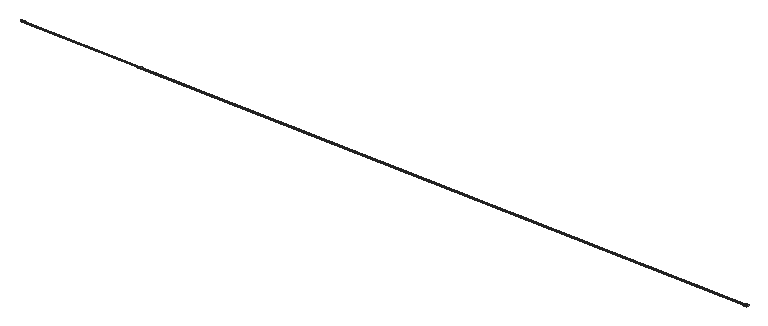
Revit family "0068180", category Lighting Fixtures, host Face, Revit 2017 (continued)
Automatic sketch dimensions
  Extrusion 54 sketch curve to Extrusion 54 sketch curve = 3.4 mm  (x6)
  Extrusion 55 sketch curve to Extrusion 55 sketch curve = 2.8 mm  (x6)
  Extrusion 55 sketch curve to Extrusion 55 sketch curve = 5.5 mm  (x5)
  Extrusion 55 sketch curve to Extrusion 55 sketch curve = 0 mm  (x5)
  Extrusion 55 sketch curve to Extrusion 55 sketch curve = 3.4 mm  (x6)
  Extrusion 56 sketch curve to Extrusion 56 sketch curve = 2.8 mm  (x6)
  Extrusion 56 sketch curve to Extrusion 56 sketch curve = 5.5 mm  (x5)
  Extrusion 56 sketch curve to Extrusion 56 sketch curve = 0 mm  (x5)
  Extrusion 56 sketch curve to Extrusion 56 sketch curve = 3.4 mm  (x6)
  Extrusion 57 sketch curve to Extrusion 57 sketch curve = 2.8 mm  (x6)
  Extrusion 57 sketch curve to Extrusion 57 sketch curve = 5.5 mm  (x5)
  Extrusion 57 sketch curve to Extrusion 57 sketch curve = 0 mm  (x5)
  Extrusion 57 sketch curve to Extrusion 57 sketch curve = 3.4 mm  (x6)
  Extrusion 58 sketch curve to Extrusion 58 sketch curve = 2.8 mm  (x6)
  Extrusion 58 sketch curve to Extrusion 58 sketch curve = 5.5 mm  (x5)
  Extrusion 58 sketch curve to Extrusion 58 sketch curve = 0 mm  (x5)
  Extrusion 58 sketch curve to Extrusion 58 sketch curve = 3.4 mm  (x6)
  Extrusion 59 sketch curve to Extrusion 59 sketch curve = 2.8 mm  (x6)
  Extrusion 59 sketch curve to Extrusion 59 sketch curve = 5.5 mm  (x5)
  Extrusion 59 sketch curve to Extrusion 59 sketch curve = 0 mm  (x5)
  Extrusion 59 sketch curve to Extrusion 59 sketch curve = 3.4 mm  (x6)
  Extrusion 60 sketch curve to Extrusion 60 sketch curve = 2.8 mm  (x6)
  Extrusion 60 sketch curve to Extrusion 60 sketch curve = 5.5 mm  (x5)
  Extrusion 60 sketch curve to Extrusion 60 sketch curve = 0 mm  (x5)
  Extrusion 60 sketch curve to Extrusion 60 sketch curve = 3.4 mm  (x6)
  Extrusion 61 sketch curve to Extrusion 61 sketch curve = 2.8 mm  (x6)
  Extrusion 61 sketch curve to Extrusion 61 sketch curve = 5.5 mm  (x5)
  Extrusion 61 sketch curve to Extrusion 61 sketch curve = 0 mm  (x5)
  Extrusion 61 sketch curve to Extrusion 61 sketch curve = 3.4 mm  (x6)
  Extrusion 62 sketch curve to Extrusion 62 sketch curve = 2.8 mm  (x6)
  Extrusion 62 sketch curve to Extrusion 62 sketch curve = 5.5 mm  (x5)
  Extrusion 62 sketch curve to Extrusion 62 sketch curve = 0 mm  (x5)
  Extrusion 62 sketch curve to Extrusion 62 sketch curve = 3.4 mm  (x6)
  Extrusion 63 sketch curve to Extrusion 63 sketch curve = 2.8 mm  (x6)
  Extrusion 63 sketch curve to Extrusion 63 sketch curve = 5.5 mm  (x5)
  Extrusion 63 sketch curve to Extrusion 63 sketch curve = 0 mm  (x5)
  Extrusion 63 sketch curve to Extrusion 63 sketch curve = 3.4 mm  (x6)
  Extrusion 64 sketch curve to Extrusion 64 sketch curve = 2.8 mm  (x6)
  Extrusion 64 sketch curve to Extrusion 64 sketch curve = 5.5 mm  (x5)
  Extrusion 64 sketch curve to Extrusion 64 sketch curve = 0 mm  (x5)
  Extrusion 64 sketch curve to Extrusion 64 sketch curve = 3.4 mm  (x6)
  Extrusion 65 sketch curve to Extrusion 65 sketch curve = 2.8 mm  (x6)
  Extrusion 65 sketch curve to Extrusion 65 sketch curve = 5.5 mm  (x5)
  Extrusion 65 sketch curve to Extrusion 65 sketch curve = 0 mm  (x5)
  Extrusion 65 sketch curve to Extrusion 65 sketch curve = 3.4 mm  (x6)
  Extrusion 66 sketch curve to Extrusion 66 sketch curve = 2.8 mm  (x6)
  Extrusion 66 sketch curve to Extrusion 66 sketch curve = 5.5 mm  (x5)
  Extrusion 66 sketch curve to Extrusion 66 sketch curve = 0 mm  (x5)
  Extrusion 66 sketch curve to Extrusion 66 sketch curve = 3.4 mm  (x6)
  Extrusion 67 sketch curve to Extrusion 67 sketch curve = 2.8 mm  (x6)
  Extrusion 67 sketch curve to Extrusion 67 sketch curve = 5.5 mm  (x5)
  Extrusion 67 sketch curve to Extrusion 67 sketch curve = 0 mm  (x5)
  Extrusion 67 sketch curve to Extrusion 67 sketch curve = 3.4 mm  (x6)
  Extrusion 68 sketch curve to Extrusion 68 sketch curve = 2.8 mm  (x6)
  Extrusion 68 sketch curve to Extrusion 68 sketch curve = 5.5 mm  (x5)
  Extrusion 68 sketch curve to Extrusion 68 sketch curve = 0 mm  (x5)
  Extrusion 68 sketch curve to Extrusion 68 sketch curve = 3.4 mm  (x6)
  Extrusion 69 sketch curve to Extrusion 69 sketch curve = 2.8 mm  (x6)
  Extrusion 69 sketch curve to Extrusion 69 sketch curve = 5.5 mm  (x5)
  Extrusion 69 sketch curve to Extrusion 69 sketch curve = 0 mm  (x5)
  Extrusion 69 sketch curve to Extrusion 69 sketch curve = 3.4 mm  (x6)
  Extrusion 70 sketch curve to Extrusion 70 sketch curve = 2.8 mm  (x6)
  Extrusion 70 sketch curve to Extrusion 70 sketch curve = 5.5 mm  (x5)
  Extrusion 70 sketch curve to Extrusion 70 sketch curve = 0 mm  (x5)
  Extrusion 70 sketch curve to Extrusion 70 sketch curve = 3.4 mm  (x6)
  Extrusion 71 sketch curve to Extrusion 71 sketch curve = 2.8 mm  (x6)
  Extrusion 71 sketch curve to Extrusion 71 sketch curve = 5.5 mm  (x5)
  Extrusion 71 sketch curve to Extrusion 71 sketch curve = 0 mm  (x5)
  Extrusion 71 sketch curve to Extrusion 71 sketch curve = 3.4 mm  (x6)
  Extrusion 72 sketch curve to Extrusion 72 sketch curve = 2.8 mm  (x6)
  Extrusion 72 sketch curve to Extrusion 72 sketch curve = 5.5 mm  (x5)
  Extrusion 72 sketch curve to Extrusion 72 sketch curve = 0 mm  (x5)
  Extrusion 72 sketch curve to Extrusion 72 sketch curve = 3.4 mm  (x6)
  Extrusion 73 sketch curve to Extrusion 73 sketch curve = 2.8 mm  (x6)
  Extrusion 73 sketch curve to Extrusion 73 sketch curve = 5.5 mm  (x5)
  Extrusion 73 sketch curve to Extrusion 73 sketch curve = 0 mm  (x5)
  Extrusion 73 sketch curve to Extrusion 73 sketch curve = 3.4 mm  (x6)
  Extrusion 74 sketch curve to Extrusion 74 sketch curve = 2.8 mm  (x6)
  Extrusion 74 sketch curve to Extrusion 74 sketch curve = 5.5 mm  (x5)
  Extrusion 74 sketch curve to Extrusion 74 sketch curve = 0 mm  (x5)
  Extrusion 74 sketch curve to Extrusion 74 sketch curve = 3.4 mm  (x6)
  Extrusion 75 sketch curve to Extrusion 75 sketch curve = 2.8 mm  (x6)
  Extrusion 75 sketch curve to Extrusion 75 sketch curve = 5.5 mm  (x5)
  Extrusion 75 sketch curve to Extrusion 75 sketch curve = 0 mm  (x5)
  Extrusion 75 sketch curve to Extrusion 75 sketch curve = 3.4 mm  (x6)
  Extrusion 76 sketch curve to Extrusion 76 sketch curve = 2.8 mm  (x6)
  Extrusion 76 sketch curve to Extrusion 76 sketch curve = 5.5 mm  (x5)
  Extrusion 76 sketch curve to Extrusion 76 sketch curve = 0 mm  (x5)
  Extrusion 76 sketch curve to Extrusion 76 sketch curve = 3.4 mm  (x6)
  Extrusion 77 sketch curve to Extrusion 77 sketch curve = 2.8 mm  (x6)
  Extrusion 77 sketch curve to Extrusion 77 sketch curve = 5.5 mm  (x5)
  Extrusion 77 sketch curve to Extrusion 77 sketch curve = 0 mm  (x5)
  Extrusion 77 sketch curve to Extrusion 77 sketch curve = 3.4 mm  (x6)
  Extrusion 78 sketch curve to Extrusion 78 sketch curve = 2.8 mm  (x6)
  Extrusion 78 sketch curve to Extrusion 78 sketch curve = 5.5 mm  (x5)
  Extrusion 78 sketch curve to Extrusion 78 sketch curve = 0 mm  (x5)
  Extrusion 78 sketch curve to Extrusion 78 sketch curve = 3.4 mm  (x6)
  Extrusion 79 sketch curve to Extrusion 79 sketch curve = 2.8 mm  (x6)
  Extrusion 79 sketch curve to Extrusion 79 sketch curve = 5.5 mm  (x5)
  Extrusion 79 sketch curve to Extrusion 79 sketch curve = 0 mm  (x5)
  Extrusion 79 sketch curve to Extrusion 79 sketch curve = 3.4 mm  (x6)
  Extrusion 80 sketch curve to Extrusion 80 sketch curve = 2.8 mm  (x6)
  Extrusion 80 sketch curve to Extrusion 80 sketch curve = 5.5 mm  (x5)
  Extrusion 80 sketch curve to Extrusion 80 sketch curve = 0 mm  (x5)
  Extrusion 80 sketch curve to Extrusion 80 sketch curve = 3.4 mm  (x6)
  Extrusion 81 sketch curve to Extrusion 81 sketch curve = 2.8 mm  (x6)
  Extrusion 81 sketch curve to Extrusion 81 sketch curve = 5.5 mm  (x5)
  Extrusion 81 sketch curve to Extrusion 81 sketch curve = 0 mm  (x5)
  Extrusion 81 sketch curve to Extrusion 81 sketch curve = 3.4 mm  (x6)
  Extrusion 82 sketch curve to Extrusion 82 sketch curve = 2.8 mm  (x6)
  Extrusion 82 sketch curve to Extrusion 82 sketch curve = 5.5 mm  (x5)
  Extrusion 82 sketch curve to Extrusion 82 sketch curve = 0 mm  (x5)
  Extrusion 82 sketch curve to Extrusion 82 sketch curve = 3.4 mm  (x6)
  Extrusion 83 sketch curve to Extrusion 83 sketch curve = 2.8 mm  (x6)
  Extrusion 83 sketch curve to Extrusion 83 sketch curve = 5.5 mm  (x5)
  Extrusion 83 sketch curve to Extrusion 83 sketch curve = 0 mm  (x5)
  Extrusion 83 sketch curve to Extrusion 83 sketch curve = 3.4 mm  (x6)
  Extrusion 84 sketch curve to Extrusion 84 sketch curve = 2.8 mm  (x6)
  Extrusion 84 sketch curve to Extrusion 84 sketch curve = 5.5 mm  (x5)
  Extrusion 84 sketch curve to Extrusion 84 sketch curve = 0 mm  (x5)
  Extrusion 84 sketch curve to Extrusion 84 sketch curve = 3.4 mm  (x6)
  Extrusion 85 sketch curve to Extrusion 85 sketch curve = 2.8 mm  (x6)
  Extrusion 85 sketch curve to Extrusion 85 sketch curve = 5.5 mm  (x5)
  Extrusion 85 sketch curve to Extrusion 85 sketch curve = 0 mm  (x5)
  Extrusion 85 sketch curve to Extrusion 85 sketch curve = 3.4 mm  (x6)
  Extrusion 86 sketch curve to Extrusion 86 sketch curve = 2.8 mm  (x6)
  Extrusion 86 sketch curve to Extrusion 86 sketch curve = 5.5 mm  (x5)
  Extrusion 86 sketch curve to Extrusion 86 sketch curve = 0 mm  (x5)
  Extrusion 86 sketch curve to Extrusion 86 sketch curve = 3.4 mm  (x6)
  Extrusion 87 sketch curve to Extrusion 87 sketch curve = 2.8 mm  (x6)
  Extrusion 87 sketch curve to Extrusion 87 sketch curve = 5.5 mm  (x5)
  Extrusion 87 sketch curve to Extrusion 87 sketch curve = 0 mm  (x5)
  Extrusion 87 sketch curve to Extrusion 87 sketch curve = 3.4 mm  (x6)
  Extrusion 88 sketch curve to Extrusion 88 sketch curve = 2.8 mm  (x6)
  Extrusion 88 sketch curve to Extrusion 88 sketch curve = 5.5 mm  (x5)
  Extrusion 88 sketch curve to Extrusion 88 sketch curve = 0 mm  (x5)
  Extrusion 88 sketch curve to Extrusion 88 sketch curve = 3.4 mm  (x6)
  Extrusion 89 sketch curve to Extrusion 89 sketch curve = 2.8 mm  (x6)
  Extrusion 89 sketch curve to Extrusion 89 sketch curve = 5.5 mm  (x5)
  Extrusion 89 sketch curve to Extrusion 89 sketch curve = 0 mm  (x5)
  Extrusion 89 sketch curve to Extrusion 89 sketch curve = 3.4 mm  (x6)
  Extrusion 90 sketch curve to Extrusion 90 sketch curve = 2.8 mm  (x6)
  Extrusion 90 sketch curve to Extrusion 90 sketch curve = 5.5 mm  (x5)
  Extrusion 90 sketch curve to Extrusion 90 sketch curve = 0 mm  (x5)
  Extrusion 90 sketch curve to Extrusion 90 sketch curve = 3.4 mm  (x6)
  Extrusion 91 sketch curve to Extrusion 91 sketch curve = 2.8 mm  (x6)
  Extrusion 91 sketch curve to Extrusion 91 sketch curve = 5.5 mm  (x5)
  Extrusion 91 sketch curve to Extrusion 91 sketch curve = 0 mm  (x5)
  Extrusion 91 sketch curve to Extrusion 91 sketch curve = 3.4 mm  (x6)
  Extrusion 92 sketch curve to Extrusion 92 sketch curve = 2.8 mm  (x6)
  Extrusion 92 sketch curve to Extrusion 92 sketch curve = 5.5 mm  (x5)
  Extrusion 92 sketch curve to Extrusion 92 sketch curve = 0 mm  (x5)
  Extrusion 92 sketch curve to Extrusion 92 sketch curve = 3.4 mm  (x6)
  Extrusion 93 sketch curve to Extrusion 93 sketch curve = 2.8 mm  (x6)
  Extrusion 93 sketch curve to Extrusion 93 sketch curve = 5.5 mm  (x5)
  Extrusion 93 sketch curve to Extrusion 93 sketch curve = 0 mm  (x5)
  Extrusion 93 sketch curve to Extrusion 93 sketch curve = 3.4 mm  (x6)
  Extrusion 94 sketch curve to Extrusion 94 sketch curve = 2.8 mm  (x6)
  Extrusion 94 sketch curve to Extrusion 94 sketch curve = 5.5 mm  (x5)
  Extrusion 94 sketch curve to Extrusion 94 sketch curve = 0 mm  (x5)
  Extrusion 94 sketch curve to Extrusion 94 sketch curve = 3.4 mm  (x6)
  Extrusion 95 sketch curve to Extrusion 95 sketch curve = 2.8 mm  (x6)
  Extrusion 95 sketch curve to Extrusion 95 sketch curve = 5.5 mm  (x5)
  Extrusion 95 sketch curve to Extrusion 95 sketch curve = 0 mm  (x5)
  Extrusion 95 sketch curve to Extrusion 95 sketch curve = 3.4 mm  (x6)
  Extrusion 96 sketch curve to Extrusion 96 sketch curve = 2.8 mm  (x6)
  Extrusion 96 sketch curve to Extrusion 96 sketch curve = 5.5 mm  (x5)
  Extrusion 96 sketch curve to Extrusion 96 sketch curve = 0 mm  (x5)
  Extrusion 96 sketch curve to Extrusion 96 sketch curve = 3.4 mm  (x6)
  Extrusion 97 sketch curve to Extrusion 97 sketch curve = 2.8 mm  (x6)
  Extrusion 97 sketch curve to Extrusion 97 sketch curve = 5.5 mm  (x5)
  Extrusion 97 sketch curve to Extrusion 97 sketch curve = 0 mm  (x5)
  Extrusion 97 sketch curve to Extrusion 97 sketch curve = 3.4 mm  (x6)
  Extrusion 98 sketch curve to Extrusion 98 sketch curve = 2.8 mm  (x6)
  Extrusion 98 sketch curve to Extrusion 98 sketch curve = 5.5 mm  (x5)
  Extrusion 98 sketch curve to Extrusion 98 sketch curve = 0 mm  (x5)
  Extrusion 98 sketch curve to Extrusion 98 sketch curve = 3.4 mm  (x6)
  Extrusion 99 sketch curve to Extrusion 99 sketch curve = 2.8 mm  (x6)
  Extrusion 99 sketch curve to Extrusion 99 sketch curve = 5.5 mm  (x5)
  Extrusion 99 sketch curve to Extrusion 99 sketch curve = 0 mm  (x5)
  Extrusion 99 sketch curve to Extrusion 99 sketch curve = 3.4 mm  (x6)
  Extrusion 100 sketch curve to Extrusion 100 sketch curve = 2.8 mm  (x6)
  Extrusion 100 sketch curve to Extrusion 100 sketch curve = 5.5 mm  (x5)
  Extrusion 100 sketch curve to Extrusion 100 sketch curve = 0 mm  (x5)
  Extrusion 100 sketch curve to Extrusion 100 sketch curve = 3.4 mm  (x6)
  Extrusion 101 sketch curve to Extrusion 101 sketch curve = 2.8 mm  (x6)
  Extrusion 101 sketch curve to Extrusion 101 sketch curve = 5.5 mm  (x5)
  Extrusion 101 sketch curve to Extrusion 101 sketch curve = 0 mm  (x5)
  Extrusion 101 sketch curve to Extrusion 101 sketch curve = 3.4 mm  (x6)
  Extrusion 102 sketch curve to Extrusion 102 sketch curve = 2.8 mm  (x6)
  Extrusion 102 sketch curve to Extrusion 102 sketch curve = 5.5 mm  (x5)
  Extrusion 102 sketch curve to Extrusion 102 sketch curve = 0 mm  (x5)
  Extrusion 102 sketch curve to Extrusion 102 sketch curve = 3.4 mm  (x6)
  Extrusion 103 sketch curve to Extrusion 103 sketch curve = 2.8 mm  (x6)
  Extrusion 103 sketch curve to Extrusion 103 sketch curve = 5.5 mm  (x5)
  Extrusion 103 sketch curve to Extrusion 103 sketch curve = 0 mm  (x5)
  Extrusion 103 sketch curve to Extrusion 103 sketch curve = 3.4 mm  (x6)
  Extrusion 104 sketch curve to Extrusion 104 sketch curve = 2.8 mm  (x6)
  Extrusion 104 sketch curve to Extrusion 104 sketch curve = 5.5 mm  (x5)
  Extrusion 104 sketch curve to Extrusion 104 sketch curve = 0 mm  (x5)
  Extrusion 104 sketch curve to Extrusion 104 sketch curve = 3.4 mm  (x6)
  Extrusion 105 sketch curve to Extrusion 105 sketch curve = 2.8 mm  (x6)
  Extrusion 105 sketch curve to Extrusion 105 sketch curve = 5.5 mm  (x5)
  Extrusion 105 sketch curve to Extrusion 105 sketch curve = 0 mm  (x5)
  Extrusion 105 sketch curve to Extrusion 105 sketch curve = 3.4 mm  (x6)
  Extrusion 106 sketch curve to Extrusion 106 sketch curve = 2.8 mm  (x6)
  Extrusion 106 sketch curve to Extrusion 106 sketch curve = 5.5 mm  (x5)
  Extrusion 106 sketch curve to Extrusion 106 sketch curve = 0 mm  (x5)
  Extrusion 106 sketch curve to Extrusion 106 sketch curve = 3.4 mm  (x6)
  Extrusion 7 sketch curve to Extrusion 7 sketch curve = 2.1 mm  (x4)
  Extrusion 7 sketch curve to Extrusion 7 sketch curve = 6.2 mm  (x2)
  Extrusion 7 sketch curve to Extrusion 7 sketch curve = 14.5 mm
  Extrusion 7 sketch curve to Extrusion 7 sketch curve = 0 mm  (x3)
  Extrusion 7 sketch curve to Extrusion 7 sketch curve = 3 mm  (x4)
  Extrusion 107 sketch curve to Extrusion 107 sketch curve = 2.1 mm  (x4)
  Extrusion 107 sketch curve to Extrusion 107 sketch curve = 6.2 mm  (x2)
  Extrusion 107 sketch curve to Extrusion 107 sketch curve = 14.5 mm
  Extrusion 107 sketch curve to Extrusion 107 sketch curve = 0 mm  (x3)
  Extrusion 107 sketch curve to Extrusion 107 sketch curve = 3 mm  (x4)
  Extrusion 108 sketch curve to Extrusion 108 sketch curve = 2.1 mm  (x4)
  Extrusion 108 sketch curve to Extrusion 108 sketch curve = 6.2 mm  (x2)
  Extrusion 108 sketch curve to Extrusion 108 sketch curve = 14.5 mm
  Extrusion 108 sketch curve to Extrusion 108 sketch curve = 0 mm  (x3)
  Extrusion 108 sketch curve to Extrusion 108 sketch curve = 3 mm  (x4)
  Extrusion 109 sketch curve to Extrusion 109 sketch curve = 2.1 mm  (x4)
  Extrusion 109 sketch curve to Extrusion 109 sketch curve = 6.2 mm  (x2)
  Extrusion 109 sketch curve to Extrusion 109 sketch curve = 14.5 mm
  Extrusion 109 sketch curve to Extrusion 109 sketch curve = 0 mm  (x3)
  Extrusion 109 sketch curve to Extrusion 109 sketch curve = 3 mm  (x4)
  Extrusion 110 sketch curve to Extrusion 110 sketch curve = 2.1 mm  (x4)
  Extrusion 110 sketch curve to Extrusion 110 sketch curve = 6.2 mm  (x2)
  Extrusion 110 sketch curve to Extrusion 110 sketch curve = 14.5 mm
  Extrusion 110 sketch curve to Extrusion 110 sketch curve = 0 mm  (x3)
  Extrusion 110 sketch curve to Extrusion 110 sketch curve = 3 mm  (x4)
  Extrusion 111 sketch curve to Extrusion 111 sketch curve = 2.1 mm  (x4)
  Extrusion 111 sketch curve to Extrusion 111 sketch curve = 6.2 mm  (x2)
  Extrusion 111 sketch curve to Extrusion 111 sketch curve = 14.5 mm
  Extrusion 111 sketch curve to Extrusion 111 sketch curve = 0 mm  (x3)
  Extrusion 111 sketch curve to Extrusion 111 sketch curve = 3 mm  (x4)
  Extrusion 112 sketch curve to Extrusion 112 sketch curve = 2.1 mm  (x4)
  Extrusion 112 sketch curve to Extrusion 112 sketch curve = 6.2 mm  (x2)
  Extrusion 112 sketch curve to Extrusion 112 sketch curve = 14.5 mm
  Extrusion 112 sketch curve to Extrusion 112 sketch curve = 0 mm  (x3)
  Extrusion 112 sketch curve to Extrusion 112 sketch curve = 3 mm  (x4)
  Extrusion 113 sketch curve to Extrusion 113 sketch curve = 2.1 mm  (x4)
  Extrusion 113 sketch curve to Extrusion 113 sketch curve = 6.2 mm  (x2)
  Extrusion 113 sketch curve to Extrusion 113 sketch curve = 14.5 mm
  Extrusion 113 sketch curve to Extrusion 113 sketch curve = 0 mm  (x3)
  Extrusion 113 sketch curve to Extrusion 113 sketch curve = 3 mm  (x4)
  Extrusion 114 sketch curve to Extrusion 114 sketch curve = 2.1 mm  (x4)
  Extrusion 114 sketch curve to Extrusion 114 sketch curve = 6.2 mm  (x2)
  Extrusion 114 sketch curve to Extrusion 114 sketch curve = 14.5 mm
  Extrusion 114 sketch curve to Extrusion 114 sketch curve = 0 mm  (x3)
  Extrusion 114 sketch curve to Extrusion 114 sketch curve = 3 mm  (x4)
  Extrusion 115 sketch curve to Extrusion 115 sketch curve = 2.1 mm  (x4)
  Extrusion 115 sketch curve to Extrusion 115 sketch curve = 6.2 mm  (x2)
  Extrusion 115 sketch curve to Extrusion 115 sketch curve = 14.5 mm
  Extrusion 115 sketch curve to Extrusion 115 sketch curve = 0 mm  (x3)
  Extrusion 115 sketch curve to Extrusion 115 sketch curve = 3 mm  (x4)
  Extrusion 116 sketch curve to Extrusion 116 sketch curve = 2.1 mm  (x4)
  Extrusion 116 sketch curve to Extrusion 116 sketch curve = 6.2 mm  (x2)
  Extrusion 116 sketch curve to Extrusion 116 sketch curve = 14.5 mm
  Extrusion 116 sketch curve to Extrusion 116 sketch curve = 0 mm  (x3)
  Extrusion 116 sketch curve to Extrusion 116 sketch curve = 3 mm  (x4)
  Extrusion 117 sketch curve to Extrusion 117 sketch curve = 2.1 mm  (x4)
  Extrusion 117 sketch curve to Extrusion 117 sketch curve = 6.2 mm  (x2)
  Extrusion 117 sketch curve to Extrusion 117 sketch curve = 14.5 mm
  Extrusion 117 sketch curve to Extrusion 117 sketch curve = 0 mm  (x3)
  Extrusion 117 sketch curve to Extrusion 117 sketch curve = 3 mm  (x4)
  Extrusion 118 sketch curve to Extrusion 118 sketch curve = 2.1 mm  (x4)
  Extrusion 118 sketch curve to Extrusion 118 sketch curve = 6.2 mm  (x2)
  Extrusion 118 sketch curve to Extrusion 118 sketch curve = 14.5 mm
  Extrusion 118 sketch curve to Extrusion 118 sketch curve = 0 mm  (x3)
  Extrusion 118 sketch curve to Extrusion 118 sketch curve = 3 mm  (x4)
  Extrusion 119 sketch curve to Extrusion 119 sketch curve = 2.1 mm  (x4)
  Extrusion 119 sketch curve to Extrusion 119 sketch curve = 6.2 mm  (x2)
  Extrusion 119 sketch curve to Extrusion 119 sketch curve = 14.5 mm
  Extrusion 119 sketch curve to Extrusion 119 sketch curve = 0 mm  (x3)
  Extrusion 119 sketch curve to Extrusion 119 sketch curve = 3 mm  (x4)
  Extrusion 120 sketch curve to Extrusion 120 sketch curve = 2.1 mm  (x4)
  Extrusion 120 sketch curve to Extrusion 120 sketch curve = 6.2 mm  (x2)
  Extrusion 120 sketch curve to Extrusion 120 sketch curve = 14.5 mm
  Extrusion 120 sketch curve to Extrusion 120 sketch curve = 0 mm  (x3)
  Extrusion 120 sketch curve to Extrusion 120 sketch curve = 3 mm  (x4)
  Extrusion 121 sketch curve to Extrusion 121 sketch curve = 2.1 mm  (x4)
  Extrusion 121 sketch curve to Extrusion 121 sketch curve = 6.2 mm  (x2)
  Extrusion 121 sketch curve to Extrusion 121 sketch curve = 14.5 mm
  Extrusion 121 sketch curve to Extrusion 121 sketch curve = 0 mm  (x3)
  Extrusion 121 sketch curve to Extrusion 121 sketch curve = 3 mm  (x4)
  Extrusion 122 sketch curve to Extrusion 122 sketch curve = 2.1 mm  (x4)
  Extrusion 122 sketch curve to Extrusion 122 sketch curve = 6.2 mm  (x2)
  Extrusion 122 sketch curve to Extrusion 122 sketch curve = 14.5 mm
  Extrusion 122 sketch curve to Extrusion 122 sketch curve = 0 mm  (x3)
  Extrusion 122 sketch curve to Extrusion 122 sketch curve = 3 mm  (x4)
  Extrusion 123 sketch curve to Extrusion 123 sketch curve = 2.1 mm  (x4)
  Extrusion 123 sketch curve to Extrusion 123 sketch curve = 6.2 mm  (x2)
  Extrusion 123 sketch curve to Extrusion 123 sketch curve = 14.5 mm
  Extrusion 123 sketch curve to Extrusion 123 sketch curve = 0 mm  (x3)
  Extrusion 123 sketch curve to Extrusion 123 sketch curve = 3 mm  (x4)
  Extrusion 124 sketch curve to Extrusion 124 sketch curve = 2.1 mm  (x4)
  Extrusion 124 sketch curve to Extrusion 124 sketch curve = 6.2 mm  (x2)
  Extrusion 124 sketch curve to Extrusion 124 sketch curve = 14.5 mm
  Extrusion 124 sketch curve to Extrusion 124 sketch curve = 0 mm  (x3)
  Extrusion 124 sketch curve to Extrusion 124 sketch curve = 3 mm  (x4)
  Extrusion 125 sketch curve to Extrusion 125 sketch curve = 2.1 mm  (x4)
  Extrusion 125 sketch curve to Extrusion 125 sketch curve = 6.2 mm  (x2)
  Extrusion 125 sketch curve to Extrusion 125 sketch curve = 14.5 mm
  Extrusion 125 sketch curve to Extrusion 125 sketch curve = 0 mm  (x3)
  Extrusion 125 sketch curve to Extrusion 125 sketch curve = 3 mm  (x4)
  Extrusion 126 sketch curve to Extrusion 126 sketch curve = 2.1 mm  (x4)
  Extrusion 126 sketch curve to Extrusion 126 sketch curve = 6.2 mm  (x2)
  Extrusion 126 sketch curve to Extrusion 126 sketch curve = 14.5 mm
  Extrusion 126 sketch curve to Extrusion 126 sketch curve = 0 mm  (x3)
  Extrusion 126 sketch curve to Extrusion 126 sketch curve = 3 mm  (x4)
  Extrusion 127 sketch curve to Extrusion 127 sketch curve = 2.1 mm  (x4)
  Extrusion 127 sketch curve to Extrusion 127 sketch curve = 6.2 mm  (x2)
  Extrusion 127 sketch curve to Extrusion 127 sketch curve = 14.5 mm
  Extrusion 127 sketch curve to Extrusion 127 sketch curve = 0 mm  (x3)
  Extrusion 127 sketch curve to Extrusion 127 sketch curve = 3 mm  (x4)
  Extrusion 128 sketch curve to Extrusion 128 sketch curve = 2.1 mm  (x4)
  Extrusion 128 sketch curve to Extrusion 128 sketch curve = 6.2 mm  (x2)
  Extrusion 128 sketch curve to Extrusion 128 sketch curve = 14.5 mm
  Extrusion 128 sketch curve to Extrusion 128 sketch curve = 0 mm  (x3)
  Extrusion 128 sketch curve to Extrusion 128 sketch curve = 3 mm  (x4)
  Extrusion 129 sketch curve to Extrusion 129 sketch curve = 2.1 mm  (x4)
  Extrusion 129 sketch curve to Extrusion 129 sketch curve = 6.2 mm  (x2)
  Extrusion 129 sketch curve to Extrusion 129 sketch curve = 14.5 mm
  Extrusion 129 sketch curve to Extrusion 129 sketch curve = 0 mm  (x3)
  Extrusion 129 sketch curve to Extrusion 129 sketch curve = 3 mm  (x4)
  Extrusion 130 sketch curve to Extrusion 130 sketch curve = 2.1 mm  (x4)
  Extrusion 130 sketch curve to Extrusion 130 sketch curve = 6.2 mm  (x2)
  Extrusion 130 sketch curve to Extrusion 130 sketch curve = 14.5 mm
  Extrusion 130 sketch curve to Extrusion 130 sketch curve = 0 mm  (x3)
  Extrusion 130 sketch curve to Extrusion 130 sketch curve = 3 mm  (x4)
  Extrusion 131 sketch curve to Extrusion 131 sketch curve = 2.1 mm  (x4)
  Extrusion 131 sketch curve to Extrusion 131 sketch curve = 6.2 mm  (x2)
  Extrusion 131 sketch curve to Extrusion 131 sketch curve = 14.5 mm
  Extrusion 131 sketch curve to Extrusion 131 sketch curve = 0 mm  (x3)
  Extrusion 131 sketch curve to Extrusion 131 sketch curve = 3 mm  (x4)
  Extrusion 132 sketch curve to Extrusion 132 sketch curve = 2.1 mm  (x4)
  Extrusion 132 sketch curve to Extrusion 132 sketch curve = 6.2 mm  (x2)
  Extrusion 132 sketch curve to Extrusion 132 sketch curve = 14.5 mm
  Extrusion 132 sketch curve to Extrusion 132 sketch curve = 0 mm  (x3)
  Extrusion 132 sketch curve to Extrusion 132 sketch curve = 3 mm  (x4)
  Extrusion 133 sketch curve to Extrusion 133 sketch curve = 2.1 mm  (x4)
  Extrusion 133 sketch curve to Extrusion 133 sketch curve = 6.2 mm  (x2)
  Extrusion 133 sketch curve to Extrusion 133 sketch curve = 14.5 mm
  Extrusion 133 sketch curve to Extrusion 133 sketch curve = 0 mm  (x3)
  Extrusion 133 sketch curve to Extrusion 133 sketch curve = 3 mm  (x4)
  Extrusion 134 sketch curve to Extrusion 134 sketch curve = 2.1 mm  (x4)
  Extrusion 134 sketch curve to Extrusion 134 sketch curve = 6.2 mm  (x2)
  Extrusion 134 sketch curve to Extrusion 134 sketch curve = 14.5 mm
  Extrusion 134 sketch curve to Extrusion 134 sketch curve = 0 mm  (x3)
  Extrusion 134 sketch curve to Extrusion 134 sketch curve = 3 mm  (x4)
  Extrusion 135 sketch curve to Extrusion 135 sketch curve = 2.1 mm  (x4)
  Extrusion 135 sketch curve to Extrusion 135 sketch curve = 6.2 mm  (x2)
  Extrusion 135 sketch curve to Extrusion 135 sketch curve = 14.5 mm
  Extrusion 135 sketch curve to Extrusion 135 sketch curve = 0 mm  (x3)
  Extrusion 135 sketch curve to Extrusion 135 sketch curve = 3 mm  (x4)
  Extrusion 136 sketch curve to Extrusion 136 sketch curve = 2.1 mm  (x4)
  Extrusion 136 sketch curve to Extrusion 136 sketch curve = 6.2 mm  (x2)
  Extrusion 136 sketch curve to Extrusion 136 sketch curve = 14.5 mm
  Extrusion 136 sketch curve to Extrusion 136 sketch curve = 0 mm  (x3)
  Extrusion 136 sketch curve to Extrusion 136 sketch curve = 3 mm  (x4)
  Extrusion 137 sketch curve to Extrusion 137 sketch curve = 2.1 mm  (x4)
  Extrusion 137 sketch curve to Extrusion 137 sketch curve = 6.2 mm  (x2)
  Extrusion 137 sketch curve to Extrusion 137 sketch curve = 14.5 mm
  Extrusion 137 sketch curve to Extrusion 137 sketch curve = 0 mm  (x3)
  Extrusion 137 sketch curve to Extrusion 137 sketch curve = 3 mm  (x4)
  Extrusion 138 sketch curve to Extrusion 138 sketch curve = 2.1 mm  (x4)
  Extrusion 138 sketch curve to Extrusion 138 sketch curve = 6.2 mm  (x2)
  Extrusion 138 sketch curve to Extrusion 138 sketch curve = 14.5 mm
  Extrusion 138 sketch curve to Extrusion 138 sketch curve = 0 mm  (x3)
  Extrusion 138 sketch curve to Extrusion 138 sketch curve = 3 mm  (x4)
  Extrusion 139 sketch curve to Extrusion 139 sketch curve = 2.1 mm  (x4)
  Extrusion 139 sketch curve to Extrusion 139 sketch curve = 6.2 mm  (x2)
  Extrusion 139 sketch curve to Extrusion 139 sketch curve = 14.5 mm
  Extrusion 139 sketch curve to Extrusion 139 sketch curve = 0 mm  (x3)
  Extrusion 139 sketch curve to Extrusion 139 sketch curve = 3 mm  (x4)
  Extrusion 140 sketch curve to Extrusion 140 sketch curve = 2.1 mm  (x4)
  Extrusion 140 sketch curve to Extrusion 140 sketch curve = 6.2 mm  (x2)
  Extrusion 140 sketch curve to Extrusion 140 sketch curve = 14.5 mm
  Extrusion 140 sketch curve to Extrusion 140 sketch curve = 0 mm  (x3)
  Extrusion 140 sketch curve to Extrusion 140 sketch curve = 3 mm  (x4)
  Extrusion 141 sketch curve to Extrusion 141 sketch curve = 2.1 mm  (x4)
  Extrusion 141 sketch curve to Extrusion 141 sketch curve = 6.2 mm  (x2)
  Extrusion 141 sketch curve to Extrusion 141 sketch curve = 14.5 mm
  Extrusion 141 sketch curve to Extrusion 141 sketch curve = 0 mm  (x3)
  Extrusion 141 sketch curve to Extrusion 141 sketch curve = 3 mm  (x4)
  Extrusion 142 sketch curve to Extrusion 142 sketch curve = 2.1 mm  (x4)
  Extrusion 142 sketch curve to Extrusion 142 sketch curve = 6.2 mm  (x2)
  Extrusion 142 sketch curve to Extrusion 142 sketch curve = 14.5 mm
  Extrusion 142 sketch curve to Extrusion 142 sketch curve = 0 mm  (x3)
  Extrusion 142 sketch curve to Extrusion 142 sketch curve = 3 mm  (x4)
  Extrusion 143 sketch curve to Extrusion 143 sketch curve = 2.1 mm  (x4)
  Extrusion 143 sketch curve to Extrusion 143 sketch curve = 6.2 mm  (x2)
  Extrusion 143 sketch curve to Extrusion 143 sketch curve = 14.5 mm
  Extrusion 143 sketch curve to Extrusion 143 sketch curve = 0 mm  (x3)
  Extrusion 143 sketch curve to Extrusion 143 sketch curve = 3 mm  (x4)
  Extrusion 144 sketch curve to Extrusion 144 sketch curve = 2.1 mm  (x4)
  Extrusion 144 sketch curve to Extrusion 144 sketch curve = 6.2 mm  (x2)
  Extrusion 144 sketch curve to Extrusion 144 sketch curve = 14.5 mm
  Extrusion 144 sketch curve to Extrusion 144 sketch curve = 0 mm  (x3)
  Extrusion 144 sketch curve to Extrusion 144 sketch curve = 3 mm  (x4)
  Extrusion 145 sketch curve to Extrusion 145 sketch curve = 2.1 mm  (x4)
  Extrusion 145 sketch curve to Extrusion 145 sketch curve = 6.2 mm  (x2)
  Extrusion 145 sketch curve to Extrusion 145 sketch curve = 14.5 mm
  Extrusion 145 sketch curve to Extrusion 145 sketch curve = 0 mm  (x3)
  Extrusion 145 sketch curve to Extrusion 145 sketch curve = 3 mm  (x4)
  Extrusion 146 sketch curve to Extrusion 146 sketch curve = 2.1 mm  (x4)
  Extrusion 146 sketch curve to Extrusion 146 sketch curve = 6.2 mm  (x2)
  Extrusion 146 sketch curve to Extrusion 146 sketch curve = 14.5 mm
  Extrusion 146 sketch curve to Extrusion 146 sketch curve = 0 mm  (x3)
  Extrusion 146 sketch curve to Extrusion 146 sketch curve = 3 mm  (x4)
  Extrusion 147 sketch curve to Extrusion 147 sketch curve = 2.1 mm  (x4)
  Extrusion 147 sketch curve to Extrusion 147 sketch curve = 6.2 mm  (x2)
  Extrusion 147 sketch curve to Extrusion 147 sketch curve = 14.5 mm
  Extrusion 147 sketch curve to Extrusion 147 sketch curve = 0 mm  (x3)
  Extrusion 147 sketch curve to Extrusion 147 sketch curve = 3 mm  (x4)
  Extrusion 148 sketch curve to Extrusion 148 sketch curve = 2.1 mm  (x4)
  Extrusion 148 sketch curve to Extrusion 148 sketch curve = 6.2 mm  (x2)
  Extrusion 148 sketch curve to Extrusion 148 sketch curve = 14.5 mm
  Extrusion 148 sketch curve to Extrusion 148 sketch curve = 0 mm  (x3)
  Extrusion 148 sketch curve to Extrusion 148 sketch curve = 3 mm  (x4)
  Extrusion 149 sketch curve to Extrusion 149 sketch curve = 2.1 mm  (x4)
  Extrusion 149 sketch curve to Extrusion 149 sketch curve = 6.2 mm  (x2)
  Extrusion 149 sketch curve to Extrusion 149 sketch curve = 14.5 mm
  Extrusion 149 sketch curve to Extrusion 149 sketch curve = 0 mm  (x3)
  Extrusion 149 sketch curve to Extrusion 149 sketch curve = 3 mm  (x4)
  Extrusion 150 sketch curve to Extrusion 150 sketch curve = 2.1 mm  (x4)
  Extrusion 150 sketch curve to Extrusion 150 sketch curve = 6.2 mm  (x2)
  Extrusion 150 sketch curve to Extrusion 150 sketch curve = 14.5 mm
  Extrusion 150 sketch curve to Extrusion 150 sketch curve = 0 mm  (x3)
  Extrusion 150 sketch curve to Extrusion 150 sketch curve = 3 mm  (x4)
  Extrusion 151 sketch curve to Extrusion 151 sketch curve = 2.1 mm  (x4)
  Extrusion 151 sketch curve to Extrusion 151 sketch curve = 6.2 mm  (x2)
  Extrusion 151 sketch curve to Extrusion 151 sketch curve = 14.5 mm
  Extrusion 151 sketch curve to Extrusion 151 sketch curve = 0 mm  (x3)
  Extrusion 151 sketch curve to Extrusion 151 sketch curve = 3 mm  (x4)
  Extrusion 152 sketch curve to Extrusion 152 sketch curve = 2.1 mm  (x4)
  Extrusion 152 sketch curve to Extrusion 152 sketch curve = 6.2 mm  (x2)
  Extrusion 152 sketch curve to Extrusion 152 sketch curve = 14.5 mm
  Extrusion 152 sketch curve to Extrusion 152 sketch curve = 0 mm  (x3)
  Extrusion 152 sketch curve to Extrusion 152 sketch curve = 3 mm  (x4)
  Extrusion 153 sketch curve to Extrusion 153 sketch curve = 2.1 mm  (x4)
  Extrusion 153 sketch curve to Extrusion 153 sketch curve = 6.2 mm  (x2)
  Extrusion 153 sketch curve to Extrusion 153 sketch curve = 14.5 mm
  Extrusion 153 sketch curve to Extrusion 153 sketch curve = 0 mm  (x3)
  Extrusion 153 sketch curve to Extrusion 153 sketch curve = 3 mm  (x4)
  Extrusion 154 sketch curve to Extrusion 154 sketch curve = 2.1 mm  (x4)
  Extrusion 154 sketch curve to Extrusion 154 sketch curve = 6.2 mm  (x2)
  Extrusion 154 sketch curve to Extrusion 154 sketch curve = 14.5 mm
  Extrusion 154 sketch curve to Extrusion 154 sketch curve = 0 mm  (x3)
  Extrusion 154 sketch curve to Extrusion 154 sketch curve = 3 mm  (x4)
  Extrusion 155 sketch curve to Extrusion 155 sketch curve = 2.1 mm  (x4)
  Extrusion 155 sketch curve to Extrusion 155 sketch curve = 6.2 mm  (x2)
  Extrusion 155 sketch curve to Extrusion 155 sketch curve = 14.5 mm
  Extrusion 155 sketch curve to Extrusion 155 sketch curve = 0 mm  (x3)
  Extrusion 155 sketch curve to Extrusion 155 sketch curve = 3 mm  (x4)
  Extrusion 156 sketch curve to Extrusion 156 sketch curve = 2.1 mm  (x4)
  Extrusion 156 sketch curve to Extrusion 156 sketch curve = 6.2 mm  (x2)
  Extrusion 156 sketch curve to Extrusion 156 sketch curve = 14.5 mm
  Extrusion 156 sketch curve to Extrusion 156 sketch curve = 0 mm  (x3)
  Extrusion 156 sketch curve to Extrusion 156 sketch curve = 3 mm  (x4)
  Extrusion 157 sketch curve to Extrusion 157 sketch curve = 2.1 mm  (x4)
  Extrusion 157 sketch curve to Extrusion 157 sketch curve = 6.2 mm  (x2)
  Extrusion 157 sketch curve to Extrusion 157 sketch curve = 14.5 mm
  Extrusion 157 sketch curve to Extrusion 157 sketch curve = 0 mm  (x3)
  Extrusion 157 sketch curve to Extrusion 157 sketch curve = 3 mm  (x4)
  Extrusion 158 sketch curve to Extrusion 158 sketch curve = 2.1 mm  (x4)
  Extrusion 158 sketch curve to Extrusion 158 sketch curve = 6.2 mm  (x2)
  Extrusion 158 sketch curve to Extrusion 158 sketch curve = 14.5 mm
  Extrusion 158 sketch curve to Extrusion 158 sketch curve = 0 mm  (x3)
  Extrusion 158 sketch curve to Extrusion 158 sketch curve = 3 mm  (x4)
  Extrusion 159 sketch curve to Extrusion 159 sketch curve = 2.1 mm  (x4)
  Extrusion 159 sketch curve to Extrusion 159 sketch curve = 6.2 mm  (x2)
  Extrusion 159 sketch curve to Extrusion 159 sketch curve = 14.5 mm
  Extrusion 159 sketch curve to Extrusion 159 sketch curve = 0 mm  (x3)
  Extrusion 159 sketch curve to Extrusion 159 sketch curve = 3 mm  (x4)
  Extrusion 160 sketch curve to Extrusion 160 sketch curve = 2.1 mm  (x4)
  Extrusion 160 sketch curve to Extrusion 160 sketch curve = 6.2 mm  (x2)
  Extrusion 160 sketch curve to Extrusion 160 sketch curve = 14.5 mm
  Extrusion 160 sketch curve to Extrusion 160 sketch curve = 0 mm  (x3)
  Extrusion 160 sketch curve to Extrusion 160 sketch curve = 3 mm  (x4)
  Extrusion 161 sketch curve to Extrusion 161 sketch curve = 2.1 mm  (x4)
  Extrusion 161 sketch curve to Extrusion 161 sketch curve = 6.2 mm  (x2)
  Extrusion 161 sketch curve to Extrusion 161 sketch curve = 14.5 mm
  Extrusion 161 sketch curve to Extrusion 161 sketch curve = 0 mm  (x3)
  Extrusion 161 sketch curve to Extrusion 161 sketch curve = 3 mm  (x4)
  Extrusion 162 sketch curve to Extrusion 162 sketch curve = 2.1 mm  (x4)
  Extrusion 162 sketch curve to Extrusion 162 sketch curve = 6.2 mm  (x2)
  Extrusion 162 sketch curve to Extrusion 162 sketch curve = 14.5 mm
  Extrusion 162 sketch curve to Extrusion 162 sketch curve = 0 mm  (x3)
  Extrusion 162 sketch curve to Extrusion 162 sketch curve = 3 mm  (x4)
  Extrusion 163 sketch curve to Extrusion 163 sketch curve = 2.1 mm  (x4)
  Extrusion 163 sketch curve to Extrusion 163 sketch curve = 6.2 mm  (x2)
  Extrusion 163 sketch curve to Extrusion 163 sketch curve = 14.5 mm
  Extrusion 163 sketch curve to Extrusion 163 sketch curve = 0 mm  (x3)
  Extrusion 163 sketch curve to Extrusion 163 sketch curve = 3 mm  (x4)
  Extrusion 164 sketch curve to Extrusion 164 sketch curve = 2.1 mm  (x4)
  Extrusion 164 sketch curve to Extrusion 164 sketch curve = 6.2 mm  (x2)
  Extrusion 164 sketch curve to Extrusion 164 sketch curve = 14.5 mm
  Extrusion 164 sketch curve to Extrusion 164 sketch curve = 0 mm  (x3)
  Extrusion 164 sketch curve to Extrusion 164 sketch curve = 3 mm  (x4)
  Extrusion 165 sketch curve to Extrusion 165 sketch curve = 2.1 mm  (x4)
  Extrusion 165 sketch curve to Extrusion 165 sketch curve = 6.2 mm  (x2)
  Extrusion 165 sketch curve to Extrusion 165 sketch curve = 14.5 mm
  Extrusion 165 sketch curve to Extrusion 165 sketch curve = 0 mm  (x3)
  Extrusion 165 sketch curve to Extrusion 165 sketch curve = 3 mm  (x4)
  Extrusion 166 sketch curve to Extrusion 166 sketch curve = 2.1 mm  (x4)
  Extrusion 166 sketch curve to Extrusion 166 sketch curve = 6.2 mm  (x2)
  Extrusion 166 sketch curve to Extrusion 166 sketch curve = 14.5 mm
  Extrusion 166 sketch curve to Extrusion 166 sketch curve = 0 mm  (x3)
  Extrusion 166 sketch curve to Extrusion 166 sketch curve = 3 mm  (x4)
  Extrusion 167 sketch curve to Extrusion 167 sketch curve = 2.1 mm  (x4)
  Extrusion 167 sketch curve to Extrusion 167 sketch curve = 6.2 mm  (x2)
  Extrusion 167 sketch curve to Extrusion 167 sketch curve = 14.5 mm
  Extrusion 167 sketch curve to Extrusion 167 sketch curve = 0 mm  (x3)
  Extrusion 167 sketch curve to Extrusion 167 sketch curve = 3 mm  (x4)
  Extrusion 168 sketch curve to Extrusion 168 sketch curve = 2.1 mm  (x4)
  Extrusion 168 sketch curve to Extrusion 168 sketch curve = 6.2 mm  (x2)
  Extrusion 168 sketch curve to Extrusion 168 sketch curve = 14.5 mm
  Extrusion 168 sketch curve to Extrusion 168 sketch curve = 0 mm  (x3)
  Extrusion 168 sketch curve to Extrusion 168 sketch curve = 3 mm  (x4)
  Extrusion 169 sketch curve to Extrusion 169 sketch curve = 2.1 mm  (x4)
  Extrusion 169 sketch curve to Extrusion 169 sketch curve = 6.2 mm  (x2)
  Extrusion 169 sketch curve to Extrusion 169 sketch curve = 14.5 mm
  Extrusion 169 sketch curve to Extrusion 169 sketch curve = 0 mm  (x3)
  Extrusion 169 sketch curve to Extrusion 169 sketch curve = 3 mm  (x4)
  Extrusion 170 sketch curve to Extrusion 170 sketch curve = 2.1 mm  (x4)
  Extrusion 170 sketch curve to Extrusion 170 sketch curve = 6.2 mm  (x2)
  Extrusion 170 sketch curve to Extrusion 170 sketch curve = 14.5 mm
  Extrusion 170 sketch curve to Extrusion 170 sketch curve = 0 mm  (x3)
  Extrusion 170 sketch curve to Extrusion 170 sketch curve = 3 mm  (x4)
  Extrusion 171 sketch curve to Extrusion 171 sketch curve = 2.1 mm  (x4)
  Extrusion 171 sketch curve to Extrusion 171 sketch curve = 6.2 mm  (x2)
  Extrusion 171 sketch curve to Extrusion 171 sketch curve = 14.5 mm
  Extrusion 171 sketch curve to Extrusion 171 sketch curve = 0 mm  (x3)
  Extrusion 171 sketch curve to Extrusion 171 sketch curve = 3 mm  (x4)
  Extrusion 172 sketch curve to Extrusion 172 sketch curve = 2.1 mm  (x4)
  Extrusion 172 sketch curve to Extrusion 172 sketch curve = 6.2 mm  (x2)
  Extrusion 172 sketch curve to Extrusion 172 sketch curve = 14.5 mm
  Extrusion 172 sketch curve to Extrusion 172 sketch curve = 0 mm  (x3)
  Extrusion 172 sketch curve to Extrusion 172 sketch curve = 3 mm  (x4)
  Extrusion 173 sketch curve to Extrusion 173 sketch curve = 2.1 mm  (x4)
  Extrusion 173 sketch curve to Extrusion 173 sketch curve = 6.2 mm  (x2)
  Extrusion 173 sketch curve to Extrusion 173 sketch curve = 14.5 mm
  Extrusion 173 sketch curve to Extrusion 173 sketch curve = 0 mm  (x3)
  Extrusion 173 sketch curve to Extrusion 173 sketch curve = 3 mm  (x4)
  Extrusion 174 sketch curve to Extrusion 174 sketch curve = 2.1 mm  (x4)
  Extrusion 174 sketch curve to Extrusion 174 sketch curve = 6.2 mm  (x2)
  Extrusion 174 sketch curve to Extrusion 174 sketch curve = 14.5 mm
  Extrusion 174 sketch curve to Extrusion 174 sketch curve = 0 mm  (x3)
  Extrusion 174 sketch curve to Extrusion 174 sketch curve = 3 mm  (x4)
  Extrusion 175 sketch curve to Extrusion 175 sketch curve = 2.1 mm  (x4)
  Extrusion 175 sketch curve to Extrusion 175 sketch curve = 6.2 mm  (x2)
  Extrusion 175 sketch curve to Extrusion 175 sketch curve = 14.5 mm
  Extrusion 175 sketch curve to Extrusion 175 sketch curve = 0 mm  (x3)
  Extrusion 175 sketch curve to Extrusion 175 sketch curve = 3 mm  (x4)
  Extrusion 176 sketch curve to Extrusion 176 sketch curve = 2.1 mm  (x4)
  Extrusion 176 sketch curve to Extrusion 176 sketch curve = 6.2 mm  (x2)
  Extrusion 176 sketch curve to Extrusion 176 sketch curve = 14.5 mm
  Extrusion 176 sketch curve to Extrusion 176 sketch curve = 0 mm  (x3)
  Extrusion 176 sketch curve to Extrusion 176 sketch curve = 3 mm  (x4)
  Extrusion 177 sketch curve to Extrusion 177 sketch curve = 2.1 mm  (x4)
  Extrusion 177 sketch curve to Extrusion 177 sketch curve = 6.2 mm  (x2)
  Extrusion 177 sketch curve to Extrusion 177 sketch curve = 14.5 mm
  Extrusion 177 sketch curve to Extrusion 177 sketch curve = 0 mm  (x3)
  Extrusion 177 sketch curve to Extrusion 177 sketch curve = 3 mm  (x4)
  Extrusion 178 sketch curve to Extrusion 178 sketch curve = 2.1 mm  (x4)
  Extrusion 178 sketch curve to Extrusion 178 sketch curve = 6.2 mm  (x2)
  Extrusion 178 sketch curve to Extrusion 178 sketch curve = 14.5 mm
  Extrusion 178 sketch curve to Extrusion 178 sketch curve = 0 mm  (x3)
  Extrusion 178 sketch curve to Extrusion 178 sketch curve = 3 mm  (x4)
  Extrusion 179 sketch curve to Extrusion 179 sketch curve = 2.1 mm  (x4)
  Extrusion 179 sketch curve to Extrusion 179 sketch curve = 6.2 mm  (x2)
  Extrusion 179 sketch curve to Extrusion 179 sketch curve = 14.5 mm
  Extrusion 179 sketch curve to Extrusion 179 sketch curve = 0 mm  (x3)
  Extrusion 179 sketch curve to Extrusion 179 sketch curve = 3 mm  (x4)
  Extrusion 180 sketch curve to Extrusion 180 sketch curve = 2.1 mm  (x4)
  Extrusion 180 sketch curve to Extrusion 180 sketch curve = 6.2 mm  (x2)
  Extrusion 180 sketch curve to Extrusion 180 sketch curve = 14.5 mm
  Extrusion 180 sketch curve to Extrusion 180 sketch curve = 0 mm  (x3)
  Extrusion 180 sketch curve to Extrusion 180 sketch curve = 3 mm  (x4)
  Extrusion 181 sketch curve to Extrusion 181 sketch curve = 2.1 mm  (x4)
  Extrusion 181 sketch curve to Extrusion 181 sketch curve = 6.2 mm  (x2)
  Extrusion 181 sketch curve to Extrusion 181 sketch curve = 14.5 mm
  Extrusion 181 sketch curve to Extrusion 181 sketch curve = 0 mm  (x3)
  Extrusion 181 sketch curve to Extrusion 181 sketch curve = 3 mm  (x4)
  Extrusion 182 sketch curve to Extrusion 182 sketch curve = 2.1 mm  (x4)
  Extrusion 182 sketch curve to Extrusion 182 sketch curve = 6.2 mm  (x2)
  Extrusion 182 sketch curve to Extrusion 182 sketch curve = 14.5 mm
  Extrusion 182 sketch curve to Extrusion 182 sketch curve = 0 mm  (x3)
  Extrusion 182 sketch curve to Extrusion 182 sketch curve = 3 mm  (x4)
  Extrusion 183 sketch curve to Extrusion 183 sketch curve = 2.1 mm  (x4)
  Extrusion 183 sketch curve to Extrusion 183 sketch curve = 6.2 mm  (x2)
  Extrusion 183 sketch curve to Extrusion 183 sketch curve = 14.5 mm
  Extrusion 183 sketch curve to Extrusion 183 sketch curve = 0 mm  (x3)
  Extrusion 183 sketch curve to Extrusion 183 sketch curve = 3 mm  (x4)
  Extrusion 184 sketch curve to Extrusion 184 sketch curve = 2.1 mm  (x4)
  Extrusion 184 sketch curve to Extrusion 184 sketch curve = 6.2 mm  (x2)
  Extrusion 184 sketch curve to Extrusion 184 sketch curve = 14.5 mm
  Extrusion 184 sketch curve to Extrusion 184 sketch curve = 0 mm  (x3)
  Extrusion 184 sketch curve to Extrusion 184 sketch curve = 3 mm  (x4)
  Extrusion 185 sketch curve to Extrusion 185 sketch curve = 2.1 mm  (x4)
  Extrusion 185 sketch curve to Extrusion 185 sketch curve = 6.2 mm  (x2)
  Extrusion 185 sketch curve to Extrusion 185 sketch curve = 14.5 mm
  Extrusion 185 sketch curve to Extrusion 185 sketch curve = 0 mm  (x3)
  Extrusion 185 sketch curve to Extrusion 185 sketch curve = 3 mm  (x4)
  Extrusion 186 sketch curve to Extrusion 186 sketch curve = 2.1 mm  (x4)
  Extrusion 186 sketch curve to Extrusion 186 sketch curve = 6.2 mm  (x2)
  Extrusion 186 sketch curve to Extrusion 186 sketch curve = 14.5 mm
  Extrusion 186 sketch curve to Extrusion 186 sketch curve = 0 mm  (x3)
  Extrusion 186 sketch curve to Extrusion 186 sketch curve = 3 mm  (x4)
  Extrusion 187 sketch curve to Extrusion 187 sketch curve = 2.1 mm  (x4)
  Extrusion 187 sketch curve to Extrusion 187 sketch curve = 6.2 mm  (x2)
  Extrusion 187 sketch curve to Extrusion 187 sketch curve = 14.5 mm
  Extrusion 187 sketch curve to Extrusion 187 sketch curve = 0 mm  (x3)
  Extrusion 187 sketch curve to Extrusion 187 sketch curve = 3 mm  (x4)
  Extrusion 188 sketch curve to Extrusion 188 sketch curve = 2.1 mm  (x4)
  Extrusion 188 sketch curve to Extrusion 188 sketch curve = 6.2 mm  (x2)
  Extrusion 188 sketch curve to Extrusion 188 sketch curve = 14.5 mm
  Extrusion 188 sketch curve to Extrusion 188 sketch curve = 0 mm  (x3)
  Extrusion 188 sketch curve to Extrusion 188 sketch curve = 3 mm  (x4)
  Extrusion 189 sketch curve to Extrusion 189 sketch curve = 2.1 mm  (x4)
  Extrusion 189 sketch curve to Extrusion 189 sketch curve = 6.2 mm  (x2)
  Extrusion 189 sketch curve to Extrusion 189 sketch curve = 14.5 mm
  Extrusion 189 sketch curve to Extrusion 189 sketch curve = 0 mm  (x3)
  Extrusion 189 sketch curve to Extrusion 189 sketch curve = 3 mm  (x4)
  Extrusion 190 sketch curve to Extrusion 190 sketch curve = 2.1 mm  (x4)
  Extrusion 190 sketch curve to Extrusion 190 sketch curve = 6.2 mm  (x2)
  Extrusion 190 sketch curve to Extrusion 190 sketch curve = 14.5 mm
  Extrusion 190 sketch curve to Extrusion 190 sketch curve = 0 mm  (x3)
  Extrusion 190 sketch curve to Extrusion 190 sketch curve = 3 mm  (x4)
  Extrusion 191 sketch curve to Extrusion 191 sketch curve = 2.1 mm  (x4)
  Extrusion 191 sketch curve to Extrusion 191 sketch curve = 6.2 mm  (x2)
  Extrusion 191 sketch curve to Extrusion 191 sketch curve = 14.5 mm
  Extrusion 191 sketch curve to Extrusion 191 sketch curve = 0 mm  (x3)
  Extrusion 191 sketch curve to Extrusion 191 sketch curve = 3 mm  (x4)
  Extrusion 192 sketch curve to Extrusion 192 sketch curve = 2.1 mm  (x4)
  Extrusion 192 sketch curve to Extrusion 192 sketch curve = 6.2 mm  (x2)
  Extrusion 192 sketch curve to Extrusion 192 sketch curve = 14.5 mm
  Extrusion 192 sketch curve to Extrusion 192 sketch curve = 0 mm  (x3)
  Extrusion 192 sketch curve to Extrusion 192 sketch curve = 3 mm  (x4)
  Extrusion 193 sketch curve to Extrusion 193 sketch curve = 2.1 mm  (x4)
  Extrusion 193 sketch curve to Extrusion 193 sketch curve = 6.2 mm  (x2)
  Extrusion 193 sketch curve to Extrusion 193 sketch curve = 14.5 mm
  Extrusion 193 sketch curve to Extrusion 193 sketch curve = 0 mm  (x3)
  Extrusion 193 sketch curve to Extrusion 193 sketch curve = 3 mm  (x4)
  Extrusion 194 sketch curve to Extrusion 194 sketch curve = 2.1 mm  (x4)
  Extrusion 194 sketch curve to Extrusion 194 sketch curve = 6.2 mm  (x2)
  Extrusion 194 sketch curve to Extrusion 194 sketch curve = 14.5 mm
  Extrusion 194 sketch curve to Extrusion 194 sketch curve = 0 mm  (x3)
  Extrusion 194 sketch curve to Extrusion 194 sketch curve = 3 mm  (x4)
  Extrusion 195 sketch curve to Extrusion 195 sketch curve = 2.1 mm  (x4)
  Extrusion 195 sketch curve to Extrusion 195 sketch curve = 6.2 mm  (x2)
  Extrusion 195 sketch curve to Extrusion 195 sketch curve = 14.5 mm
  Extrusion 195 sketch curve to Extrusion 195 sketch curve = 0 mm  (x3)
  Extrusion 195 sketch curve to Extrusion 195 sketch curve = 3 mm  (x4)
  Extrusion 196 sketch curve to Extrusion 196 sketch curve = 2.1 mm  (x4)
  Extrusion 196 sketch curve to Extrusion 196 sketch curve = 6.2 mm  (x2)
  Extrusion 196 sketch curve to Extrusion 196 sketch curve = 14.5 mm
  Extrusion 196 sketch curve to Extrusion 196 sketch curve = 0 mm  (x3)
  Extrusion 196 sketch curve to Extrusion 196 sketch curve = 3 mm  (x4)
  Extrusion 197 sketch curve to Extrusion 197 sketch curve = 2.1 mm  (x4)
  Extrusion 197 sketch curve to Extrusion 197 sketch curve = 6.2 mm  (x2)
  Extrusion 197 sketch curve to Extrusion 197 sketch curve = 14.5 mm
  Extrusion 197 sketch curve to Extrusion 197 sketch curve = 0 mm  (x3)
  Extrusion 197 sketch curve to Extrusion 197 sketch curve = 3 mm  (x4)
  Extrusion 198 sketch curve to Extrusion 198 sketch curve = 2.1 mm  (x4)
  Extrusion 198 sketch curve to Extrusion 198 sketch curve = 6.2 mm  (x2)
  Extrusion 198 sketch curve to Extrusion 198 sketch curve = 14.5 mm
  Extrusion 198 sketch curve to Extrusion 198 sketch curve = 0 mm  (x3)
  Extrusion 198 sketch curve to Extrusion 198 sketch curve = 3 mm  (x4)
  Extrusion 199 sketch curve to Extrusion 199 sketch curve = 2.1 mm  (x4)
  Extrusion 199 sketch curve to Extrusion 199 sketch curve = 6.2 mm  (x2)
  Extrusion 199 sketch curve to Extrusion 199 sketch curve = 14.5 mm
  Extrusion 199 sketch curve to Extrusion 199 sketch curve = 0 mm  (x3)
  Extrusion 199 sketch curve to Extrusion 199 sketch curve = 3 mm  (x4)
  Extrusion 200 sketch curve to Extrusion 200 sketch curve = 2.1 mm  (x4)
  Extrusion 200 sketch curve to Extrusion 200 sketch curve = 6.2 mm  (x2)
  Extrusion 200 sketch curve to Extrusion 200 sketch curve = 14.5 mm
  Extrusion 200 sketch curve to Extrusion 200 sketch curve = 0 mm  (x3)
  Extrusion 200 sketch curve to Extrusion 200 sketch curve = 3 mm  (x4)
  Extrusion 201 sketch curve to Extrusion 201 sketch curve = 2.1 mm  (x4)
  Extrusion 201 sketch curve to Extrusion 201 sketch curve = 6.2 mm  (x2)
  Extrusion 201 sketch curve to Extrusion 201 sketch curve = 14.5 mm
  Extrusion 201 sketch curve to Extrusion 201 sketch curve = 0 mm  (x3)
  Extrusion 201 sketch curve to Extrusion 201 sketch curve = 3 mm  (x4)
  Extrusion 202 sketch curve to Extrusion 202 sketch curve = 2.1 mm  (x4)
  Extrusion 202 sketch curve to Extrusion 202 sketch curve = 6.2 mm  (x2)
  Extrusion 202 sketch curve to Extrusion 202 sketch curve = 14.5 mm
  Extrusion 202 sketch curve to Extrusion 202 sketch curve = 0 mm  (x3)
  Extrusion 202 sketch curve to Extrusion 202 sketch curve = 3 mm  (x4)
  Extrusion 203 sketch curve to Extrusion 203 sketch curve = 2.1 mm  (x4)
  Extrusion 203 sketch curve to Extrusion 203 sketch curve = 6.2 mm  (x2)
  Extrusion 203 sketch curve to Extrusion 203 sketch curve = 14.5 mm
  Extrusion 203 sketch curve to Extrusion 203 sketch curve = 0 mm  (x3)
  Extrusion 203 sketch curve to Extrusion 203 sketch curve = 3 mm  (x4)
  Extrusion 204 sketch curve to Extrusion 204 sketch curve = 2.1 mm  (x4)
  Extrusion 204 sketch curve to Extrusion 204 sketch curve = 6.2 mm  (x2)
  Extrusion 204 sketch curve to Extrusion 204 sketch curve = 14.5 mm
  Extrusion 204 sketch curve to Extrusion 204 sketch curve = 0 mm  (x3)
  Extrusion 204 sketch curve to Extrusion 204 sketch curve = 3 mm  (x4)
  Extrusion 205 sketch curve to Extrusion 205 sketch curve = 2.1 mm  (x4)
  Extrusion 205 sketch curve to Extrusion 205 sketch curve = 6.2 mm  (x2)
  Extrusion 205 sketch curve to Extrusion 205 sketch curve = 14.5 mm
  Extrusion 205 sketch curve to Extrusion 205 sketch curve = 0 mm  (x3)
  Extrusion 205 sketch curve to Extrusion 205 sketch curve = 3 mm  (x4)
  plane 11 to Sweep 2 sketch curve = 0 mm
  plane 50 to Extrusion 206 sketch curve = 0 mm
  plane 51 to Extrusion 206 sketch curve = 0 mm
  radius of Sweep 3 sketch curve = 1.353 mm
  radius of Sweep 2 sketch curve = 1.399 mm
Types (4, lengths in mm): name | TypeName | built-in parameter 1150134 | Photometric Web File | Name | ModelReference | ModelNumber | Model | LuminousEfficacy | built-in parameter 1150105 | Lumens | LampNominalLuminous | LampColourTemperature | built-in parameter 1150107 | built-in parameter 1150106 | built-in parameter 1150104 | DocumentationLiterature
  0068181 FLEX PRO IP65 4800LM 940 | "Flex Pro IP65 4800lm 940" | 12 | "0068181.ies" | "Flex Pro IP65 4800lm 940" | "Flex Pro IP65 4800lm 940" | "0068181" | "Flex Pro IP65 4800lm 940" | "100 lm/W" | 381.97 (stored number, unit not read) | 4800 lm | "4800 lm" | "4000 K" | 4000 (stored number, unit not read) | 3.8197 (stored number, unit not read) | 9.2903 (stored number, unit not read) | "http://www.sylvania-lighting.com/product/en-int/products/0068181"
  0068180 FLEX PRO IP65 4400LM 930 | "Flex Pro IP65 4400lm 930" | (empty or 0) | "0068180.ies" | "Flex Pro IP65 4400lm 930" | "Flex Pro IP65 4400lm 930" | "0068180" | "Flex Pro IP65 4400lm 930" | "92 lm/W" | 351.41 (stored number, unit not read) | 4416 lm | "4400 lm" | "3000 K" | 3000 (stored number, unit not read) | 3.5141 (stored number, unit not read) | 8.5471 (stored number, unit not read) | "http://www.sylvania-lighting.com/product/en-int/products/0068180"
  0068179 FLEX PRO IP65 3900LM 927 | "Flex Pro IP65 3900lm 927" | (empty or 0) | "0068179.ies" | "Flex Pro IP65 3900lm 927" | "Flex Pro IP65 3900lm 927" | "0068179" | "Flex Pro IP65 3900lm 927" | "81 lm/W" | 309.4 (stored number, unit not read) | 3888 lm | "3900 lm" | "2700 K" | 2700 (stored number, unit not read) | 3.094 (stored number, unit not read) | 7.5251 (stored number, unit not read) | "http://www.sylvania-lighting.com/product/en-int/products/0068179"
  0068182 FLEX PRO IP65 4500LM 965 | "Flex Pro IP65 4500lm 965" | 1 | "0068182.ies" | "Flex Pro IP65 4500lm 965" | "Flex Pro IP65 4500lm 965" | "0068182" | "Flex Pro IP65 4500lm 965" | "94 lm/W" | 359.05 (stored number, unit not read) | 4512 lm | "4500 lm" | "6500 K" | 6500 (stored number, unit not read) | 3.5905 (stored number, unit not read) | 8.7329 (stored number, unit not read) | "http://www.sylvania-lighting.com/product/en-int/products/0068182"
